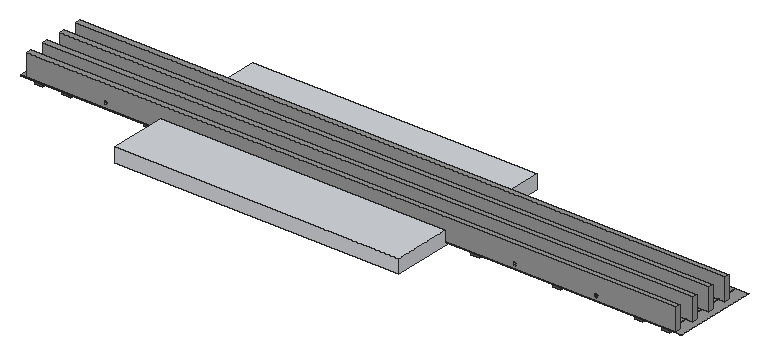
Revit family "1414-4, Veneer", category Generic Models, host Face, Revit 2020
Family settings
  Host = Face
  Can host rebar = No
  Round Connector Dimension = Use Diameter
  Part Type = Normal
  Cut with Voids When Loaded = No
  Shared = No
  Room Calculation Point = No
Parameters
  min_value [instance] = 2' - 4"  # constant formula
  max_value [instance] = 9' - 11 1/4"  # constant formula
  actual_value [instance] = if(NET LENGTH < min_value, min_value, if(NET LENGTH > max_value, max_value, NET LENGTH))  # 7' - 11 1/4"
  SCRIM MATERIAL [instance] = SCRIM
  SCRIM APPEARANCE [instance] = yes
  NET LENGTH [instance] = 7' - 11 1/4"
  IMPORTANT NOTE!!!                                                                             *Backer & dowel layout is for visualization purposes only, final layout to be determined by 9Wood. [instance] = ""
  Default Elevation = 4' - 0"
  DOWEL RADIUS [instance] = 0' - 0 1/4"  # constant formula
  BACKER & DOWEL MATERIAL [instance] = BLACK-BACKERS
  .. MEMBER WIDTH [instance] = 0' - 0 3/4"  # constant formula
  .. MEMBER MATERIAL [instance] = Veneer Cherry
  .. MEMBER DEPTH [instance] = 0' - 3 1/4"  # constant formula
  .. MEMBER COUNT [instance] = 4  # constant formula
Reference planes (in)
  plane 1 "Center (Front/Back)": y = 0
  plane 2: z = 0
  plane 3 "Center (Left/Right)": x = 0
Forms (in)
  Extrusion 1, solid
    sketch origin (0, 0, 0) x (1, 0, 0) y (0, 1, 0)
      loop
        line (-24.24823, 14.63962) -> (-24.24823, -10.69266) -> (17.36192, -10.69266) -> (17.36192, 14.63962) -> (-24.24823, 14.63962)
    from 0 to 2.0625
Dimensions and locks (in)
  aligned and locked: plane 2 to Extrusion 1
Nested families (in)
  nested 1: "1400 series" at (-44.01308, -2.1224, 0.00189), NET LENGTH <- "actual_value", .. MEMBER DEPTH <- ".. MEMBER DEPTH", .. MEMBER WIDTH <- ".. MEMBER WIDTH", DOWEL RADIUS <- "DOWEL RADIUS", BACKER & DOWEL MATERIAL <- "BACKER & DOWEL MATERIAL", .. MEMBER MATERIAL <- ".. MEMBER MATERIAL", SCRIM MATERIAL <- "SCRIM MATERIAL", MEMBER COUNT <- ".. MEMBER COUNT", SCRIM APPEARANCE <- "SCRIM APPEARANCE", type "1400 series"
    with X 7' - 8", SCRIM MATERIAL SCRIM, SCRIM LENGTH 8' - 1", SCRIM APPEARANCE yes, SCRIM 2 0' - 0 7/8", SCRIM 1 0' - 0 3/32", OC TYP 1' - 0", NET LENGTH 7' - 11 1/4", N 8, MEMBER COUNT 4, INSET 2 0' - 0 3/16", INSET 0' - 1", HALF MEMBER WIDTH 0' - 0 3/8", END BACKER yes, DOWEL RADIUS 0' - 0 1/4", DOWEL INDEX 0' - 11 5/8", DOWEL COUNT 7, BACKING M COUNT 8, BACKER WIDTH 0' - 1 1/4", BACKER INDEX 0' - 5 5/8", BACKER DEPTH 0' - 0 1/2", BACKER & DOWEL MATERIAL BLACK-BACKERS, BACKER &  DOWEL LENGTH 0' - 11 7/8", .. MEMBER WIDTH 0' - 0 3/4", .. MEMBER OC TYP 0' - 3", .. MEMBER MATERIAL Veneer Cherry, .. MEMBER DEPTH 0' - 3 1/4"
Definition of nested family "1400 series"
  Parameters (values of type "1400 series")
    X [instance] = NET LENGTH - 0' 3 1/4"  # 7' - 2"
    SCRIM MATERIAL [instance] = none
    SCRIM APPEARANCE [instance] = yes
    SCRIM 2 [instance] = 0' - 0 7/8"  # constant formula
    SCRIM 1 [instance] = 0' - 0 3/32"  # constant formula
    OC TYP [instance] = 1' - 0"  # constant formula
    N [instance] = if((X - (rounddown(X / 1' 0") * 1' 0")) > 1' 0", rounddown(X / 1' 0") + 2, rounddown(X / 1' 0") + 1)  # 8
    MEMBER COUNT [instance] = 2
    INSET 5 = 0' - 0 11/16"  # constant formula
    INSET 2 [instance] = 0' - 0 3/16"  # constant formula
    INSET [instance] = 0' - 1"  # constant formula
    END BACKER [instance] = BACKER INDEX > 0' 3 5/8"  # no
    HALF MEMBER WIDTH [instance] = .. MEMBER WIDTH / 2  # 0' - 1 1/8"
    Default Elevation = 0' - 0"
    DOWEL RADIUS [instance] = 0' - 0 1/4"
    DOWEL INDEX [instance] = BACKER INDEX + 0' 6"  # 0' - 8 5/8"
    DOWEL COUNT [instance] = N - 1  # 7
    BACKER WIDTH [instance] = 0' - 1 1/4"  # constant formula
    BACKER INDEX [instance] = (NET LENGTH - ((N - 1) * 1' 0")) / 2  # 0' - 2 5/8"
    BACKER DEPTH [instance] = 0' - 0 1/2"  # constant formula
    BACKING M COUNT [instance] = N  # 8
    BACKER & DOWEL MATERIAL [instance] = none
    BACKER &  DOWEL LENGTH [instance] = 0' - 11 7/8"  # constant formula
    SCRIM LENGTH [instance] = NET LENGTH + (SCRIM 2 * 2)  # 7' - 7"
    .. MEMBER WIDTH [instance] = 0' - 2 1/4"
    .. MEMBER OC TYP [instance] = 1' 0" / MEMBER COUNT  # 0' - 6"
    .. MEMBER MATERIAL [instance] = none
    NET LENGTH [instance] = 7' - 5 1/4"
    .. MEMBER DEPTH [instance] = 0' - 4"
  Reference planes (in)
    plane 1 "Center (Front/Back)": y = 0
    plane 2: z = 0
    plane 3 "Center (Left/Right)": x = 0
    plane 4: x = 89.25
    plane 5: x = 1
    plane 6: x = 88.25
    plane 7: x = 2.625
    plane 8: x = 8.625
    plane 9: x = 14.625
    plane 10: x = 20.625
    plane 11: y = 0.1875
    plane 12: y = 1.125
    plane 13: y = 7.125
    plane 14: y = 12.0625
    plane 15: x = 90.125
    plane 16: x = -0.875
    plane 17: y = 12.15625
    plane 18: y = -0.09375
    plane 19: z = 2.7097
    plane 20: z = 0.49811
    plane 21: z = 0.56061
    plane 22: z = 1.24811
  Lines and regions (in)
    model lines, not visible
      curve 1: line (8.625, 0, 0.99811) -> (8.625, 0, 1.49811)
      curve 2: line (8.625, 0, 1.49811) -> (8.375, 0, 1.24811)
      curve 3: line (8.375, 0, 1.24811) -> (8.875, 0, 1.24811)
      curve 4: line (20.625, 0, 0.99811) -> (20.625, 0, 1.49811)
      curve 5: line (20.625, 0, 1.49811) -> (20.375, 0, 1.24811)
      curve 6: line (20.375, 0, 1.24811) -> (20.875, 0, 1.24811)
      curve 7: line (32.625, 0, 0.99811) -> (32.625, 0, 1.49811)
      curve 8: line (32.625, 0, 1.49811) -> (32.375, 0, 1.24811)
      curve 9: line (32.375, 0, 1.24811) -> (32.875, 0, 1.24811)
      curve 10: line (44.625, 0, 0.99811) -> (44.625, 0, 1.49811)
      curve 11: line (44.625, 0, 1.49811) -> (44.375, 0, 1.24811)
      curve 12: line (44.375, 0, 1.24811) -> (44.875, 0, 1.24811)
      curve 13: line (56.625, 0, 0.99811) -> (56.625, 0, 1.49811)
      curve 14: line (56.625, 0, 1.49811) -> (56.375, 0, 1.24811)
      curve 15: line (56.375, 0, 1.24811) -> (56.875, 0, 1.24811)
      curve 16: line (68.625, 0, 0.99811) -> (68.625, 0, 1.49811)
      curve 17: line (68.625, 0, 1.49811) -> (68.375, 0, 1.24811)
      curve 18: line (68.375, 0, 1.24811) -> (68.875, 0, 1.24811)
      curve 19: line (80.625, 0, 0.99811) -> (80.625, 0, 1.49811)
      curve 20: line (80.625, 0, 1.49811) -> (80.375, 0, 1.24811)
      curve 21: line (80.375, 0, 1.24811) -> (80.875, 0, 1.24811)
  Dimensions and locks (in)
    "INSET": plane 3 "Center (Left/Right)" to plane 5
    "NET LENGTH": plane 3 "Center (Left/Right)" to plane 4
    "INSET": plane 6 to plane 4
    "BACKER INDEX": plane 3 "Center (Left/Right)" to plane 7
    "DOWEL INDEX": plane 3 "Center (Left/Right)" to plane 8
    "OC TYP": plane 7 to plane 9
    "OC TYP": plane 8 to plane 10
    "INSET 2": plane 1 "Center (Front/Back)" to plane 11
    equal spacing: group 1, group 2, group 5, group 6, group 7, group 13, group 14, group 16  (x3)
    equal spacing: group 3, group 4, group 8, group 9, group 10, group 15, group 17  (x3)
    group 11 to group 12 = 0' - 0"  (x2)
    group 11 to group 12 = 0' - 6"
    ".. MEMBER OC TYP": plane 13 to plane 12
    "HALF MEMBER WIDTH": plane 1 "Center (Front/Back)" to plane 12
    "SCRIM 2": plane 16 to plane 3 "Center (Left/Right)"
    "SCRIM 2": plane 4 to plane 15
    "SCRIM 1": plane 18 to plane 1 "Center (Front/Back)"
    "SCRIM 1": plane 17 to plane 14
    "INSET 5": plane 22 to plane 21
    aligned and locked: level to plane 2
    aligned and locked: plane 7 to nested 2
    aligned and locked: plane 5 to nested 1
    aligned and locked: plane 9 to nested 3
    aligned and locked: nested 1 to plane 5
    aligned and locked: nested 2 to plane 11
    aligned and locked: nested 1 to plane 11
    aligned and locked: nested 3 to plane 11
    aligned and locked: nested 4 to plane 11  (x2)
    aligned and locked: plane 10 to nested 5
    aligned and locked: plane 6 to nested 12
    aligned and locked: nested 5 to plane 11
    aligned and locked: plane 11 to nested 12
    aligned and locked: plane 12 to nested 13
    aligned and locked: nested 14 to plane 13
    aligned and locked: plane 14 to nested 8
    aligned and locked: plane 16 to nested 15
    aligned and locked: nested 15 to plane 18
    aligned and locked: nested 15 to plane 17
    aligned and locked: nested 15 to plane 16  (x2)
    aligned and locked: nested 1 to level
    aligned and locked: level to nested 3
    aligned and locked: plane 20 to nested 2
    aligned and locked: plane 20 to nested 1
    aligned and locked: plane 20 to nested 3
    aligned and locked: nested 12 to plane 20
    aligned and locked: nested 15 to plane 20
    aligned and locked: plane 21 to nested 15
    aligned and locked: nested 13 to plane 21
    aligned and locked: plane 22 to nested 4
    aligned and locked: plane 22 to nested 5
    aligned and locked: nested 13 to plane 8
    aligned and locked: plane 10 to nested 13
    aligned and locked: curve 1 to nested 13
    aligned and locked: nested 13 to curve 4
  Automatic sketch dimensions
    curve 3 to curve 1 = 0' - 0 1/4"  (x2)
    curve 1 to curve 3 = 0' - 0 1/4"
    curve 1 to curve 2 = 0' - 0 1/4"
    curve 6 to curve 4 = 0' - 0 1/4"  (x2)
    curve 4 to curve 6 = 0' - 0 1/4"
    curve 4 to curve 5 = 0' - 0 1/4"
    curve 9 to curve 7 = 0' - 0 1/4"  (x2)
    curve 7 to curve 9 = 0' - 0 1/4"
    curve 7 to curve 8 = 0' - 0 1/4"
    curve 12 to curve 10 = 0' - 0 1/4"  (x2)
    curve 10 to curve 12 = 0' - 0 1/4"
    curve 10 to curve 11 = 0' - 0 1/4"
    curve 15 to curve 13 = 0' - 0 1/4"  (x2)
    curve 13 to curve 15 = 0' - 0 1/4"
    curve 13 to curve 14 = 0' - 0 1/4"
    curve 18 to curve 16 = 0' - 0 1/4"  (x2)
    curve 16 to curve 18 = 0' - 0 1/4"
    curve 16 to curve 17 = 0' - 0 1/4"
    curve 21 to curve 19 = 0' - 0 1/4"  (x2)
    curve 19 to curve 21 = 0' - 0 1/4"
    curve 19 to curve 20 = 0' - 0 1/4"
  Nested families (in)
    nested 1: "INSTANCE - 3RD -  EXTEND BOTH SIDES - Parametric Cube.0001" at (1, 0.1875, 0.49811), Length <- "BACKER &  DOWEL LENGTH", Width <- "BACKER WIDTH", Height <- "BACKER DEPTH", Material <- "BACKER & DOWEL MATERIAL", visible <- "END BACKER", type "INSTANCE - 3RD -  EXTEND BOTH SIDES - Parametric Cube.0001"
      with Width 0' - 1 1/4", Material none, Length 0' - 11 7/8", Height 0' - 0 1/2"
    nested 2: "INSTANCE - 2ND -  EXTEND SIDE H CENTER W - Parametric Cube.0001" at (2.625, 0.1875, 0.49811), Width <- "BACKER WIDTH", Length <- "BACKER &  DOWEL LENGTH", Height <- "BACKER DEPTH", Material <- "BACKER & DOWEL MATERIAL", type "INSTANCE - 2ND -  EXTEND SIDE H CENTER W - Parametric Cube.0001"
      with Width 0' - 1 1/4", Material none, Length 0' - 11 7/8", Height 0' - 0 1/2"
    nested 3: "INSTANCE - 2ND -  EXTEND SIDE H CENTER W - Parametric Cube.0001" at (14.625, 0.1875, 0.49811), Width <- "BACKER WIDTH", Length <- "BACKER &  DOWEL LENGTH", Height <- "BACKER DEPTH", Material <- "BACKER & DOWEL MATERIAL", type "INSTANCE - 2ND -  EXTEND SIDE H CENTER W - Parametric Cube.0001"
      with Width 0' - 1 1/4", Material none, Length 0' - 11 7/8", Height 0' - 0 1/2"
    nested 4: "DOWEL" at (-1.375, 0.1875, 1.24811), DOWEL LENGTH <- "BACKER &  DOWEL LENGTH", DOWEL RADII <- "DOWEL RADIUS", BACKING MEM MATERIAL <- "BACKER & DOWEL MATERIAL", type "DOWEL"
      with DOWEL RADII 0' - 0 1/4", DOWEL LENGTH 0' - 11 7/8", BACKING MEM MATERIAL none
    nested 5: "DOWEL" at (10.625, 0.1875, 1.24811), DOWEL LENGTH <- "BACKER &  DOWEL LENGTH", DOWEL RADII <- "DOWEL RADIUS", BACKING MEM MATERIAL <- "BACKER & DOWEL MATERIAL", type "DOWEL"
      with DOWEL RADII 0' - 0 1/4", DOWEL LENGTH 0' - 11 7/8", BACKING MEM MATERIAL none
    nested 6: "INSTANCE - 2ND -  EXTEND SIDE H CENTER W - Parametric Cube.0001" at (26.625, 0.1875, 0.49811), Width <- "BACKER WIDTH", Length <- "BACKER &  DOWEL LENGTH", Height <- "BACKER DEPTH", Material <- "BACKER & DOWEL MATERIAL", type "INSTANCE - 2ND -  EXTEND SIDE H CENTER W - Parametric Cube.0001"
      with Width 0' - 1 1/4", Material none, Length 0' - 11 7/8", Height 0' - 0 1/2"
    nested 7: "INSTANCE - 2ND -  EXTEND SIDE H CENTER W - Parametric Cube.0001" at (38.625, 0.1875, 0.49811), Width <- "BACKER WIDTH", Length <- "BACKER &  DOWEL LENGTH", Height <- "BACKER DEPTH", Material <- "BACKER & DOWEL MATERIAL", type "INSTANCE - 2ND -  EXTEND SIDE H CENTER W - Parametric Cube.0001"
      with Width 0' - 1 1/4", Material none, Length 0' - 11 7/8", Height 0' - 0 1/2"
    nested 8: "INSTANCE - 2ND -  EXTEND SIDE H CENTER W - Parametric Cube.0001" at (50.625, 0.1875, 0.49811), Width <- "BACKER WIDTH", Length <- "BACKER &  DOWEL LENGTH", Height <- "BACKER DEPTH", Material <- "BACKER & DOWEL MATERIAL", type "INSTANCE - 2ND -  EXTEND SIDE H CENTER W - Parametric Cube.0001"
      with Width 0' - 1 1/4", Material none, Length 0' - 11 7/8", Height 0' - 0 1/2"
    nested 9: "DOWEL" at (22.625, 0.1875, 1.24811), DOWEL LENGTH <- "BACKER &  DOWEL LENGTH", DOWEL RADII <- "DOWEL RADIUS", BACKING MEM MATERIAL <- "BACKER & DOWEL MATERIAL", type "DOWEL"
      with DOWEL RADII 0' - 0 1/4", DOWEL LENGTH 0' - 11 7/8", BACKING MEM MATERIAL none
    nested 10: "DOWEL" at (34.625, 0.1875, 1.24811), DOWEL LENGTH <- "BACKER &  DOWEL LENGTH", DOWEL RADII <- "DOWEL RADIUS", BACKING MEM MATERIAL <- "BACKER & DOWEL MATERIAL", type "DOWEL"
      with DOWEL RADII 0' - 0 1/4", DOWEL LENGTH 0' - 11 7/8", BACKING MEM MATERIAL none
    nested 11: "DOWEL" at (46.625, 0.1875, 1.24811), DOWEL LENGTH <- "BACKER &  DOWEL LENGTH", DOWEL RADII <- "DOWEL RADIUS", BACKING MEM MATERIAL <- "BACKER & DOWEL MATERIAL", type "DOWEL"
      with DOWEL RADII 0' - 0 1/4", DOWEL LENGTH 0' - 11 7/8", BACKING MEM MATERIAL none
    nested 12: "INSTANCE - 3RD -  EXTEND BOTH SIDES - Parametric Cube.0001" at (88.25, 0.1875, 0.49811) x (-1, 0, 0) z (0, 0, 1), Width <- "BACKER WIDTH", Length <- "BACKER &  DOWEL LENGTH", Height <- "BACKER DEPTH", Material <- "BACKER & DOWEL MATERIAL", visible <- "END BACKER", type "INSTANCE - 3RD -  EXTEND BOTH SIDES - Parametric Cube.0001"
      with Width 0' - 1 1/4", Material none, Length 0' - 11 7/8", Height 0' - 0 1/2"
    nested 13: "HOLED MEMBER" at (0, -9.75, 8.12965), DOWEL INDEX <- "DOWEL INDEX", .. MEMBER LENGTH <- "NET LENGTH", .. MEMBER WIDTH <- ".. MEMBER WIDTH", DOWEL OC DIST <- "OC TYP", DOWEL RADII <- "DOWEL RADIUS", Material <- ".. MEMBER MATERIAL", DEPTH <- ".. MEMBER DEPTH", DOWEL COUNT <- "DOWEL COUNT", Space <- "INSET 5", type "HOLED MEMBER"
      with Space 0' - 0 11/16", Material none, Height 0' - 10.43096", HALF MEMBER WIDTH 0' - 1 1/8", DOWEL RADII 0' - 0 1/4", DOWEL OC DIST 1' - 0", DOWEL INDEX 0' - 8 5/8", DOWEL COUNT 7, DEPTH 0' - 4", .. MEMBER WIDTH 0' - 2 1/4", .. MEMBER LENGTH 7' - 5 1/4"
    nested 14: "HOLED MEMBER" at (0, -3.75, 8.12965), DOWEL INDEX <- "DOWEL INDEX", .. MEMBER LENGTH <- "NET LENGTH", .. MEMBER WIDTH <- ".. MEMBER WIDTH", DOWEL OC DIST <- "OC TYP", DOWEL RADII <- "DOWEL RADIUS", Material <- ".. MEMBER MATERIAL", DEPTH <- ".. MEMBER DEPTH", DOWEL COUNT <- "DOWEL COUNT", Space <- "INSET 5", type "HOLED MEMBER"
      with Space 0' - 0 11/16", Material none, Height 0' - 10.43096", HALF MEMBER WIDTH 0' - 1 1/8", DOWEL RADII 0' - 0 1/4", DOWEL OC DIST 1' - 0", DOWEL INDEX 0' - 8 5/8", DOWEL COUNT 7, DEPTH 0' - 4", .. MEMBER WIDTH 0' - 2 1/4", .. MEMBER LENGTH 7' - 5 1/4"
    nested 15: "INSTANCE - 3RD -  EXTEND BOTH SIDES - Parametric Cube.0001" at (-0.875, -0.09375, 0.56061), Width <- "SCRIM LENGTH", Material <- "SCRIM MATERIAL", visible <- "SCRIM APPEARANCE", type "INSTANCE - 3RD -  EXTEND BOTH SIDES - Parametric Cube.0001"
      with Width 7' - 7", Material none, Length 1' - 0 1/4", Height 0' - 0 1/16"
    nested 16: "INSTANCE - 2ND -  EXTEND SIDE H CENTER W - Parametric Cube.0001" at (62.625, 0.1875, 0.49811), Width <- "BACKER WIDTH", Length <- "BACKER &  DOWEL LENGTH", Height <- "BACKER DEPTH", Material <- "BACKER & DOWEL MATERIAL", type "INSTANCE - 2ND -  EXTEND SIDE H CENTER W - Parametric Cube.0001"
      with Width 0' - 1 1/4", Material none, Length 0' - 11 7/8", Height 0' - 0 1/2"
    nested 17: "INSTANCE - 2ND -  EXTEND SIDE H CENTER W - Parametric Cube.0001" at (74.625, 0.1875, 0.49811), Width <- "BACKER WIDTH", Length <- "BACKER &  DOWEL LENGTH", Height <- "BACKER DEPTH", Material <- "BACKER & DOWEL MATERIAL", type "INSTANCE - 2ND -  EXTEND SIDE H CENTER W - Parametric Cube.0001"
      with Width 0' - 1 1/4", Material none, Length 0' - 11 7/8", Height 0' - 0 1/2"
    nested 18: "DOWEL" at (58.625, 0.1875, 1.24811), DOWEL LENGTH <- "BACKER &  DOWEL LENGTH", DOWEL RADII <- "DOWEL RADIUS", BACKING MEM MATERIAL <- "BACKER & DOWEL MATERIAL", type "DOWEL"
      with DOWEL RADII 0' - 0 1/4", DOWEL LENGTH 0' - 11 7/8", BACKING MEM MATERIAL none
    nested 19: "INSTANCE - 2ND -  EXTEND SIDE H CENTER W - Parametric Cube.0001" at (86.625, 0.1875, 0.49811), Width <- "BACKER WIDTH", Length <- "BACKER &  DOWEL LENGTH", Height <- "BACKER DEPTH", Material <- "BACKER & DOWEL MATERIAL", type "INSTANCE - 2ND -  EXTEND SIDE H CENTER W - Parametric Cube.0001"
      with Width 0' - 1 1/4", Material none, Length 0' - 11 7/8", Height 0' - 0 1/2"
    nested 20: "DOWEL" at (70.625, 0.1875, 1.24811), DOWEL LENGTH <- "BACKER &  DOWEL LENGTH", DOWEL RADII <- "DOWEL RADIUS", BACKING MEM MATERIAL <- "BACKER & DOWEL MATERIAL", type "DOWEL"
      with DOWEL RADII 0' - 0 1/4", DOWEL LENGTH 0' - 11 7/8", BACKING MEM MATERIAL none
  Definition of nested family "INSTANCE - 3RD -  EXTEND BOTH SIDES - Parametric Cube.0001"
    Parameters (values of type "INSTANCE - 3RD -  EXTEND BOTH SIDES - Parametric Cube.0001")
      Width [instance] = 0' - 6"
      Material [instance] = none
      Length [instance] = 1' - 0"
      Height [instance] = 1' - 6"
      Default Elevation = 0' - 0"
    Reference planes (in)
      plane 1 "Center (Front/Back)": y = 0
      plane 2: z = 0
      plane 3 "Center (Left/Right)": x = 0
      plane 4: x = 6
      plane 5: y = 12
      plane 6: z = -18
    Forms (in)
      Extrusion 1, solid, material <- "Material"
        sketch origin (0, 6, 0) x (1, 0, 0) y (0, 1, 0)
          loop
            line (0, 6) -> (0, -6) -> (6, -6) -> (6, 6) -> (0, 6)
        from -18 to 0
    Dimensions and locks (in)
      "Height": plane 6 to level
      "Length": plane 1 "Center (Front/Back)" to plane 5
      "Width": plane 3 "Center (Left/Right)" to plane 4
      aligned and locked: plane 2 to level
      aligned and locked: Extrusion 1 sketch curve to plane 4
      aligned and locked: Extrusion 1 to plane 6
      aligned and locked: plane 5 to Extrusion 1
      aligned and locked: Extrusion 1 to plane 3 "Center (Left/Right)"
    Automatic sketch dimensions
      plane 1 "Center (Front/Back)" to Extrusion 1 sketch curve = 0' - 0"
      plane 5 to Extrusion 1 sketch curve = 0' - 0"
      Extrusion 1 sketch curve to plane 3 "Center (Left/Right)" = 0' - 0"
  Definition of nested family "INSTANCE - 2ND -  EXTEND SIDE H CENTER W - Parametric Cube.0001"
    Parameters (values of type "INSTANCE - 2ND -  EXTEND SIDE H CENTER W - Parametric Cube.0001")
      Width [instance] = 0' - 6"
      Material [instance] = none
      Length [instance] = 1' - 0"
      Height [instance] = 1' - 6"
      Default Elevation = 0' - 0"
    Reference planes (in)
      plane 1 "Center (Front/Back)": y = 0
      plane 2: z = 0
      plane 3 "Center (Left/Right)": x = 0
      plane 4: x = -3
      plane 5: x = 3
      plane 6: y = 12
      plane 7: z = -18
    Forms (in)
      Extrusion 1, solid, material <- "Material"
        sketch origin (0, 6, 0) x (1, 0, 0) y (0, 1, 0)
          loop
            line (-3, 6) -> (-3, -6) -> (3, -6) -> (3, 6) -> (-3, 6)
        from -18 to 0
    Dimensions and locks (in)
      equal spacing: plane 4, plane 3 "Center (Left/Right)", plane 5
      "Width": plane 4 to plane 5
      "Height": plane 7 to level
      "Length": plane 1 "Center (Front/Back)" to plane 6
      aligned and locked: plane 2 to level
      aligned and locked: plane 4 to Extrusion 1 sketch curve
      aligned and locked: Extrusion 1 sketch curve to plane 5
      aligned and locked: Extrusion 1 to plane 7
      aligned and locked: plane 6 to Extrusion 1
    Automatic sketch dimensions
      plane 1 "Center (Front/Back)" to Extrusion 1 sketch curve = 0' - 0"
      plane 6 to Extrusion 1 sketch curve = 0' - 0"
  Definition of nested family "DOWEL"
    Parameters (values of type "DOWEL")
      Default Elevation = 0' - 0"
      DOWEL RADII [instance] = 0' - 0 5/8"
      DOWEL LENGTH [instance] = 1' - 0"
      BACKING MEM MATERIAL [instance] = none
    Reference planes (in)
      plane 1 "Center (Front/Back)": y = 0
      plane 2: z = 0
      plane 3 "Center (Left/Right)": x = 0
      plane 4: y = 12
    Forms (in)
      Extrusion 1, solid, material <- "BACKING MEM MATERIAL"
        sketch origin (10, 0, 0) x (1, 0, 0) y (0, 0, 1)
          loop
            circle (0, 0) r 0.625
        from 0 to -12
      Extrusion 2, solid, not visible
        sketch origin (0, 0, 0) x (1, 0, 0) y (0, 0, 1)
          loop
            circle (0, 0) r 0.625
        from 0 to 12
      Extrusion 3, solid, not visible
        sketch origin (10, 0, 0) x (1, 0, 0) y (0, 0, 1)
          loop
            circle (0, 0) r 0.625
        from 0 to 2.5
      Extrusion 4, solid, not visible
        sketch origin (10, 0, 0) x (1, 0, 0) y (0, 0, 1)
          loop
            circle (0, 0) r 0.625
        from 0 to -12
    Lines and regions (in)
      model lines, not visible
        curve 1: line (-13, 0, 0) -> (-13, -12, 0)
        curve 2: line (13, 0, 0) -> (13, -12, 0)
        curve 3: line (9.89453, 0, 0) -> (10.08794, 0, 0)
        curve 4: line (9.89453, -2.5, 0) -> (10.08794, -2.5, 0)
        curve 6: line (10, 0, 0) -> (10, 2, 0)
      model lines
        curve 5: line (10, 0, 0) -> (10, 2, 0)
    Dimensions and locks (in)
      "DOWEL LENGTH": plane 1 "Center (Front/Back)" to plane 4
      "DOWEL RADII": radius of Extrusion 1 sketch curve
      "DOWEL RADII": radius of Extrusion 2 sketch curve
      "DOWEL RADII": radius of Extrusion 3 sketch curve
      "DOWEL RADII": radius of Extrusion 4 sketch curve
      "DOWEL RADII": radius of Extrusion 1
      aligned and locked: plane 2 to level
      aligned and locked: Extrusion 1 to plane 1 "Center (Front/Back)"  (x3)
      aligned and locked: plane 1 "Center (Front/Back)" to Extrusion 1
      aligned and locked: plane 4 to Extrusion 1
    Automatic sketch dimensions
      plane 1 "Center (Front/Back)" to curve 5 = 0' - 0"
      curve 5 to plane 1 "Center (Front/Back)" = 0' - 2"
      plane 3 "Center (Left/Right)" to curve 5 = 0' - 10"
      Extrusion 1 sketch curve to level = 0' - 0"
      plane 3 "Center (Left/Right)" to Extrusion 1 sketch curve = 0' - 10"
  Definition of nested family "HOLED MEMBER"
    Parameters (values of type "HOLED MEMBER")
      Space [instance] = 0' - 0 5/8"
      Material [instance] = none
      Height [instance] = 0' - 10.43096"
      HALF MEMBER WIDTH [instance] = .. MEMBER WIDTH / 2  # 0' - 0 5/16"
      Default Elevation = 0' - 0"
      DOWEL RADII [instance] = 0' - 0.34537"
      DOWEL OC DIST [instance] = 1' - 0"
      DOWEL INSET = 0' - 0 5/8"
      DOWEL INDEX [instance] = 0' - 5 5/8"
      DOWEL COUNT [instance] = 6
      DEPTH [instance] = 0' - 2"
      .. MEMBER WIDTH [instance] = 0' - 0 5/8"
      .. MEMBER LENGTH [instance] = 5' - 11 3/4"
    Reference planes (in)
      plane 1 "Center (Front/Back)": y = 12
      plane 2: z = -7.56904
      plane 3 "Center (Left/Right)": x = 0
      plane 4: x = 5.625
      plane 5: x = 17.625
      plane 6: y = 11.375
      plane 7: x = 71.75
      plane 8: y = 11.6875
      plane 9: z = -6.94404
      plane 10: z = -5.56904
    Forms (in)
      Extrusion 1, solid, material <- "Material"
        sketch origin (0, 12, -13.56904) x (1, 0, 0) y (0, 0, 1)
          loop
            line (0, 6) -> (71.75, 6) -> (71.75, 8) -> (0, 8) -> (0, 6)
        from 0.625 to 0
      Extrusion 2, void
        sketch origin (0, 12, -18.31904) x (1, 0, 0) y (0, 0, 1)
          loop
            circle (5.625, 11.375) r 0.34537
        from 0 to 12
      Extrusion 3, void, not visible
        sketch origin (0, 0, 0) x (1, 0, 0) y (0, 1, 0)
          loop
            circle (5.625, 11.375) r 0.34537
        from 0 to 12
      Extrusion 4, void, not visible
        sketch origin (0, 0, 0) x (1, 0, 0) y (0, 1, 0)
          loop
            circle (5.625, 11.375) r 0.34537
        from 0 to 12
      Extrusion 5, void, not visible
        sketch origin (12, 0, 0) x (1, 0, 0) y (0, 1, 0)
          loop
            circle (5.625, 11.375) r 0.34537
        from 0 to 12
      Extrusion 6, void, not visible
        sketch origin (0, 12, -17.56904) x (1, 0, 0) y (0, 0, 1)
          loop
            circle (5.625, 11.375) r 0.34537
        from 0 to 12
      Extrusion 7, void, not visible
        sketch origin (12, 12, -17.56904) x (1, 0, 0) y (0, 0, 1)
          loop
            circle (5.625, 11.375) r 0.34537
        from 0 to 12
      Extrusion 8, void, not visible
        sketch origin (0, 12, -19.56904) x (1, 0, 0) y (0, 0, 1)
          loop
            circle (5.625, 11.375) r 0.34537
        from 0 to 12
      Extrusion 9, void
        sketch origin (12, 12, -18.31904) x (1, 0, 0) y (0, 0, 1)
          loop
            circle (5.625, 11.375) r 0.34537
        from 0 to 12
      Extrusion 10, void
        sketch origin (24, 12, -18.31904) x (1, 0, 0) y (0, 0, 1)
          loop
            circle (5.625, 11.375) r 0.34537
        from 0 to 12
      Extrusion 11, void
        sketch origin (36, 12, -18.31904) x (1, 0, 0) y (0, 0, 1)
          loop
            circle (5.625, 11.375) r 0.34537
        from 0 to 12
      Extrusion 12, void
        sketch origin (48, 12, -18.31904) x (1, 0, 0) y (0, 0, 1)
          loop
            circle (5.625, 11.375) r 0.34537
        from 0 to 12
      Extrusion 13, void
        sketch origin (60, 12, -18.31904) x (1, 0, 0) y (0, 0, 1)
          loop
            circle (5.625, 11.375) r 0.34537
        from 0 to 12
      Extrusion 14, void, not visible
        sketch origin (24, 12, -17.56904) x (1, 0, 0) y (0, 0, 1)
          loop
            circle (5.625, 11.375) r 0.34537
        from 0 to 12
      Extrusion 15, void, not visible
        sketch origin (36, 12, -17.56904) x (1, 0, 0) y (0, 0, 1)
          loop
            circle (5.625, 11.375) r 0.34537
        from 0 to 12
      Extrusion 16, void, not visible
        sketch origin (48, 12, -17.56904) x (1, 0, 0) y (0, 0, 1)
          loop
            circle (5.625, 11.375) r 0.34537
        from 0 to 12
      Extrusion 17, void, not visible
        sketch origin (60, 12, -17.56904) x (1, 0, 0) y (0, 0, 1)
          loop
            circle (5.625, 11.375) r 0.34537
        from 0 to 12
      Extrusion 18, void, not visible
        sketch origin (24, 0, 0) x (1, 0, 0) y (0, 1, 0)
          loop
            circle (5.625, 11.375) r 0.34537
        from 0 to 12
      Extrusion 19, void, not visible
        sketch origin (36, 0, 0) x (1, 0, 0) y (0, 1, 0)
          loop
            circle (5.625, 11.375) r 0.34537
        from 0 to 12
      Extrusion 20, void, not visible
        sketch origin (48, 0, 0) x (1, 0, 0) y (0, 1, 0)
          loop
            circle (5.625, 11.375) r 0.34537
        from 0 to 12
      Extrusion 21, void, not visible
        sketch origin (60, 0, 0) x (1, 0, 0) y (0, 1, 0)
          loop
            circle (5.625, 11.375) r 0.34537
        from 0 to 12
    Cuts and joins
      Extrusion 2, Extrusion 9, Extrusion 10, Extrusion 11, Extrusion 12, Extrusion 13 cuts Extrusion 1
    Lines and regions (in)
      model lines, not visible
        curve 1: line (5.625, 11.72037, 0) -> (5.625, 11.02963, 0)
        curve 2: line (5.625, 11.72037, 0) -> (5.625, 11.02963, 0)
        curve 3: line (17.625, 11.72037, 0) -> (17.625, 11.02963, 0)
        curve 4: line (5.625, 12, -7.56904) -> (5.625, 11.87317, -7.56904)
        curve 5: line (5.625, 11.87317, -7.56904) -> (5.06195, 11.87317, -7.56904)
        curve 6: line (5.06195, 11.87317, -7.56904) -> (5.27963, 11.375, -7.56904)
        curve 7: line (0, 12, -6.19404) -> (0, 11.61951, -6.19404)
        curve 9: line (0, 11.375, -8.19404) -> (0, 11.6747, -8.19404)
        curve 10: line (5.625, 12, -7.56904) -> (5.625, 11.69863, -7.56904)
        curve 11: line (5.625, 12, -7.56904) -> (5.625, 11.69863, -7.56904)
        curve 12: line (5.625, 10.75, 0) -> (5.625, 10.75, 0.30137)
        curve 13: line (5.625, 10.75, 0) -> (5.625, 10.75, 0.30137)
        curve 14: line (17.625, 10.75, 0) -> (17.625, 10.75, 0.30137)
        curve 15: line (5.625, 12, -6.81904) -> (5.625, 11.69863, -6.81904)
        curve 16: line (17.625, 12, -6.81904) -> (17.625, 11.69863, -6.81904)
        curve 17: line (5.625, 12, -8.81904) -> (5.625, 11.69863, -8.81904)
        curve 18: line (17.625, 12, -7.56904) -> (17.625, 11.69863, -7.56904)
        curve 19: line (29.625, 12, -7.56904) -> (29.625, 11.69863, -7.56904)
        curve 20: line (41.625, 12, -7.56904) -> (41.625, 11.69863, -7.56904)
        curve 21: line (53.625, 12, -7.56904) -> (53.625, 11.69863, -7.56904)
        curve 22: line (65.625, 12, -7.56904) -> (65.625, 11.69863, -7.56904)
        curve 23: line (29.625, 12, -6.81904) -> (29.625, 11.69863, -6.81904)
        curve 24: line (41.625, 12, -6.81904) -> (41.625, 11.69863, -6.81904)
        curve 25: line (53.625, 12, -6.81904) -> (53.625, 11.69863, -6.81904)
        curve 26: line (65.625, 12, -6.81904) -> (65.625, 11.69863, -6.81904)
        curve 27: line (29.625, 11.72037, 0) -> (29.625, 11.02963, 0)
        curve 28: line (29.625, 10.75, 0) -> (29.625, 10.75, 0.30137)
        curve 29: line (41.625, 11.72037, 0) -> (41.625, 11.02963, 0)
        curve 30: line (41.625, 10.75, 0) -> (41.625, 10.75, 0.30137)
        curve 31: line (53.625, 11.72037, 0) -> (53.625, 11.02963, 0)
        curve 32: line (53.625, 10.75, 0) -> (53.625, 10.75, 0.30137)
        curve 33: line (65.625, 11.72037, 0) -> (65.625, 11.02963, 0)
        curve 34: line (65.625, 10.75, 0) -> (65.625, 10.75, 0.30137)
        curve 35: line (5.27963, 12, -6.94404) -> (5.97037, 12, -6.94404)
        curve 36: line (5.97037, 12, -6.94404) -> (5.625, 12, -6.59867)
        curve 37: line (5.625, 12, -6.59867) -> (5.625, 12, -7.28941)
        curve 38: line (5.27963, 11.375, 0) -> (5.97037, 11.375, 0)
        curve 39: line (5.97037, 11.375, 0) -> (5.625, 11.72037, 0)
        curve 40: line (5.625, 11.72037, 0) -> (5.625, 11.02963, 0)
        curve 41: line (5.27963, 11.375, 0) -> (5.97037, 11.375, 0)
        curve 42: line (5.97037, 11.375, 0) -> (5.625, 11.72037, 0)
        curve 43: line (5.625, 11.72037, 0) -> (5.625, 11.02963, 0)
        curve 44: line (17.27963, 11.375, 0) -> (17.97037, 11.375, 0)
        curve 45: line (17.97037, 11.375, 0) -> (17.625, 11.72037, 0)
        curve 46: line (17.625, 11.72037, 0) -> (17.625, 11.02963, 0)
        curve 47: line (5.27963, 12, -6.19404) -> (5.97037, 12, -6.19404)
        curve 48: line (5.97037, 12, -6.19404) -> (5.625, 12, -5.84867)
        curve 49: line (5.625, 12, -5.84867) -> (5.625, 12, -6.53941)
        curve 50: line (17.27963, 12, -6.19404) -> (17.97037, 12, -6.19404)
        curve 51: line (17.97037, 12, -6.19404) -> (17.625, 12, -5.84867)
        curve 52: line (17.625, 12, -5.84867) -> (17.625, 12, -6.53941)
        curve 53: line (5.27963, 12, -8.19404) -> (5.97037, 12, -8.19404)
        curve 54: line (5.97037, 12, -8.19404) -> (5.625, 12, -7.84867)
        curve 55: line (5.625, 12, -7.84867) -> (5.625, 12, -8.53941)
        curve 56: line (17.27963, 12, -6.94404) -> (17.97037, 12, -6.94404)
        curve 57: line (17.97037, 12, -6.94404) -> (17.625, 12, -6.59867)
        curve 58: line (17.625, 12, -6.59867) -> (17.625, 12, -7.28941)
        curve 59: line (29.27963, 12, -6.94404) -> (29.97037, 12, -6.94404)
        curve 60: line (29.97037, 12, -6.94404) -> (29.625, 12, -6.59867)
        curve 61: line (29.625, 12, -6.59867) -> (29.625, 12, -7.28941)
        curve 62: line (41.27963, 12, -6.94404) -> (41.97037, 12, -6.94404)
        curve 63: line (41.97037, 12, -6.94404) -> (41.625, 12, -6.59867)
        curve 64: line (41.625, 12, -6.59867) -> (41.625, 12, -7.28941)
        curve 65: line (53.27963, 12, -6.94404) -> (53.97037, 12, -6.94404)
        curve 66: line (53.97037, 12, -6.94404) -> (53.625, 12, -6.59867)
        curve 67: line (53.625, 12, -6.59867) -> (53.625, 12, -7.28941)
        curve 68: line (65.27963, 12, -6.94404) -> (65.97037, 12, -6.94404)
        curve 69: line (65.97037, 12, -6.94404) -> (65.625, 12, -6.59867)
        curve 70: line (65.625, 12, -6.59867) -> (65.625, 12, -7.28941)
        curve 71: line (29.27963, 12, -6.19404) -> (29.97037, 12, -6.19404)
        curve 72: line (29.97037, 12, -6.19404) -> (29.625, 12, -5.84867)
        curve 73: line (29.625, 12, -5.84867) -> (29.625, 12, -6.53941)
        curve 74: line (41.27963, 12, -6.19404) -> (41.97037, 12, -6.19404)
        curve 75: line (41.97037, 12, -6.19404) -> (41.625, 12, -5.84867)
        curve 76: line (41.625, 12, -5.84867) -> (41.625, 12, -6.53941)
        curve 77: line (53.27963, 12, -6.19404) -> (53.97037, 12, -6.19404)
        curve 78: line (53.97037, 12, -6.19404) -> (53.625, 12, -5.84867)
        curve 79: line (53.625, 12, -5.84867) -> (53.625, 12, -6.53941)
        curve 80: line (65.27963, 12, -6.19404) -> (65.97037, 12, -6.19404)
        curve 81: line (65.97037, 12, -6.19404) -> (65.625, 12, -5.84867)
        curve 82: line (65.625, 12, -5.84867) -> (65.625, 12, -6.53941)
        curve 83: line (29.27963, 11.375, 0) -> (29.97037, 11.375, 0)
        curve 84: line (29.97037, 11.375, 0) -> (29.625, 11.72037, 0)
        curve 85: line (29.625, 11.72037, 0) -> (29.625, 11.02963, 0)
        curve 86: line (41.27963, 11.375, 0) -> (41.97037, 11.375, 0)
        curve 87: line (41.97037, 11.375, 0) -> (41.625, 11.72037, 0)
        curve 88: line (41.625, 11.72037, 0) -> (41.625, 11.02963, 0)
        curve 89: line (53.27963, 11.375, 0) -> (53.97037, 11.375, 0)
        curve 90: line (53.97037, 11.375, 0) -> (53.625, 11.72037, 0)
        curve 91: line (53.625, 11.72037, 0) -> (53.625, 11.02963, 0)
        curve 92: line (65.27963, 11.375, 0) -> (65.97037, 11.375, 0)
        curve 93: line (65.97037, 11.375, 0) -> (65.625, 11.72037, 0)
        curve 94: line (65.625, 11.72037, 0) -> (65.625, 11.02963, 0)
      model lines
        curve 8: line (5.625, 12, -7.56904) -> (5.625, 11.69863, -7.56904)
    Dimensions and locks (in)
      "DOWEL INDEX": plane 3 "Center (Left/Right)" to plane 4
      "DOWEL OC DIST": plane 4 to plane 5
      ".. MEMBER LENGTH": plane 3 "Center (Left/Right)" to plane 7
      equal spacing: group 3, group 4, group 21, group 22, group 23, group 24  (x3)
      equal spacing: group 7, group 8, group 17, group 18, group 19, group 20  (x3)
      ".. MEMBER WIDTH": plane 6 to plane 1 "Center (Front/Back)"
      "HALF MEMBER WIDTH": plane 8 to plane 1 "Center (Front/Back)"
      equal spacing: group 1, group 12, group 13, group 14, group 15, group 16  (x2)
      equal spacing: group 16, group 15, group 14, group 13, group 12, group 1
      "DEPTH": plane 10 to level
      "Space": plane 9 to level
      "DOWEL RADII": radius of Extrusion 2 sketch curve
      "DOWEL RADII": radius of Extrusion 3 sketch curve
      "DOWEL RADII": radius of Extrusion 4 sketch curve
      "DOWEL RADII": radius of Extrusion 5 sketch curve
      "DOWEL RADII": radius of Extrusion 6 sketch curve
      "DOWEL RADII": radius of Extrusion 7 sketch curve
      "DOWEL RADII": radius of Extrusion 8 sketch curve
      "DOWEL RADII": radius of Extrusion 9 sketch curve
      "DOWEL RADII": radius of Extrusion 10 sketch curve
      "DOWEL RADII": radius of Extrusion 11 sketch curve
      "DOWEL RADII": radius of Extrusion 12 sketch curve
      "DOWEL RADII": radius of Extrusion 13 sketch curve
      "DOWEL RADII": radius of Extrusion 14 sketch curve
      "DOWEL RADII": radius of Extrusion 15 sketch curve
      "DOWEL RADII": radius of Extrusion 16 sketch curve
      "DOWEL RADII": radius of Extrusion 17 sketch curve
      "DOWEL RADII": radius of Extrusion 18 sketch curve
      "DOWEL RADII": radius of Extrusion 19 sketch curve
      "DOWEL RADII": radius of Extrusion 20 sketch curve
      "DOWEL RADII": radius of Extrusion 21 sketch curve
      aligned and locked: level to plane 2
      aligned and locked: Extrusion 1 to plane 3 "Center (Left/Right)"  (x2)
      aligned and locked: plane 7 to cut or joined group of Extrusion 1, Extrusion 2, Extrusion 9, Extrusion 10, Extrusion 11, Extrusion 12, Extrusion 13  (x2)
      aligned and locked: cut or joined group of Extrusion 1, Extrusion 2, Extrusion 9, Extrusion 10, Extrusion 11, Extrusion 12, Extrusion 13 to plane 1 "Center (Front/Back)"  (x2)
      aligned and locked: cut or joined group of Extrusion 1, Extrusion 2, Extrusion 9, Extrusion 10, Extrusion 11, Extrusion 12, Extrusion 13 to plane 6  (x2)
      aligned and locked: plane 4 to curve 11
      aligned and locked: curve 18 to plane 5
      aligned and locked: plane 4 to group 1
      aligned and locked: group 12 to plane 5
      aligned and locked: curve 35 to plane 9
      aligned and locked: plane 4 to curve 37
      aligned and locked: curve 56 to plane 9
      aligned and locked: curve 58 to plane 5
      aligned and locked: plane 10 to cut or joined group of Extrusion 1, Extrusion 2, Extrusion 9, Extrusion 10, Extrusion 11, Extrusion 12, Extrusion 13  (x2)
      aligned and locked: cut or joined group of Extrusion 1, Extrusion 2, Extrusion 9, Extrusion 10, Extrusion 11, Extrusion 12, Extrusion 13 to level
      aligned and locked: level to cut or joined group of Extrusion 1, Extrusion 2, Extrusion 9, Extrusion 10, Extrusion 11, Extrusion 12, Extrusion 13
    Automatic sketch dimensions
      curve 1 to curve 1 = 0' - 0.69074"
      curve 2 to curve 2 = 0' - 0.69074"
      curve 3 to curve 3 = 0' - 0.69074"
      Extrusion 1 sketch curve to plane 3 "Center (Left/Right)" = 0' - 0"
      Extrusion 1 sketch curve to plane 7 = 0' - 0"
      Extrusion 1 sketch curve to Extrusion 1 sketch curve = 0' - 2"
      Extrusion 1 sketch curve to level = 0' - 0"
      curve 8 to curve 8 = 0' - 0.30137"
      curve 10 to curve 10 = 0' - 0.30137"
      curve 8 to plane 4 = 0' - 0"
      plane 1 "Center (Front/Back)" to curve 8 = 0' - 0"
      plane 1 "Center (Front/Back)" to curve 8 = 0' - 0.30137"
      curve 11 to curve 11 = 0' - 0.30137"
      curve 12 to curve 12 = 0' - 0.30137"
      curve 13 to curve 13 = 0' - 0.30137"
      curve 14 to curve 14 = 0' - 0.30137"
      curve 15 to curve 15 = 0' - 0.30137"
      curve 16 to curve 16 = 0' - 0.30137"
      curve 17 to curve 17 = 0' - 0.30137"
      curve 18 to curve 18 = 0' - 0.30137"
      curve 19 to curve 19 = 0' - 0.30137"
      curve 20 to curve 20 = 0' - 0.30137"
      curve 21 to curve 21 = 0' - 0.30137"
      curve 22 to curve 22 = 0' - 0.30137"
      curve 23 to curve 23 = 0' - 0.30137"
      curve 24 to curve 24 = 0' - 0.30137"
      curve 25 to curve 25 = 0' - 0.30137"
      curve 26 to curve 26 = 0' - 0.30137"
      curve 27 to curve 27 = 0' - 0.69074"
      curve 28 to curve 28 = 0' - 0.30137"
      curve 29 to curve 29 = 0' - 0.69074"
      curve 30 to curve 30 = 0' - 0.30137"
      curve 31 to curve 31 = 0' - 0.69074"
      curve 32 to curve 32 = 0' - 0.30137"
      curve 33 to curve 33 = 0' - 0.69074"
      curve 34 to curve 34 = 0' - 0.30137"
      curve 37 to curve 35 = 0' - 0.34537"  (x2)
      curve 35 to curve 36 = 0' - 0.34537"
      curve 35 to curve 37 = 0' - 0.34537"
      curve 40 to curve 38 = 0' - 0.34537"  (x2)
      curve 38 to curve 39 = 0' - 0.34537"
      curve 38 to curve 40 = 0' - 0.34537"
      curve 43 to curve 41 = 0' - 0.34537"  (x2)
      curve 41 to curve 42 = 0' - 0.34537"
      curve 41 to curve 43 = 0' - 0.34537"
      curve 46 to curve 44 = 0' - 0.34537"  (x2)
      curve 44 to curve 45 = 0' - 0.34537"
      curve 44 to curve 46 = 0' - 0.34537"
      curve 49 to curve 47 = 0' - 0.34537"  (x2)
      curve 47 to curve 48 = 0' - 0.34537"
      curve 47 to curve 49 = 0' - 0.34537"
      curve 52 to curve 50 = 0' - 0.34537"  (x2)
      curve 50 to curve 51 = 0' - 0.34537"
      curve 50 to curve 52 = 0' - 0.34537"
      curve 55 to curve 53 = 0' - 0.34537"  (x2)
      curve 53 to curve 54 = 0' - 0.34537"
      curve 53 to curve 55 = 0' - 0.34537"
      curve 58 to curve 56 = 0' - 0.34537"  (x2)
      curve 56 to curve 57 = 0' - 0.34537"
      curve 56 to curve 58 = 0' - 0.34537"
      curve 61 to curve 59 = 0' - 0.34537"  (x2)
      curve 59 to curve 60 = 0' - 0.34537"
      curve 59 to curve 61 = 0' - 0.34537"
      curve 64 to curve 62 = 0' - 0.34537"  (x2)
      curve 62 to curve 63 = 0' - 0.34537"
      curve 62 to curve 64 = 0' - 0.34537"
      curve 67 to curve 65 = 0' - 0.34537"  (x2)
      curve 65 to curve 66 = 0' - 0.34537"
      curve 65 to curve 67 = 0' - 0.34537"
      curve 70 to curve 68 = 0' - 0.34537"  (x2)
      curve 68 to curve 69 = 0' - 0.34537"
      curve 68 to curve 70 = 0' - 0.34537"
      curve 73 to curve 71 = 0' - 0.34537"  (x2)
      curve 71 to curve 72 = 0' - 0.34537"
      curve 71 to curve 73 = 0' - 0.34537"
      curve 76 to curve 74 = 0' - 0.34537"  (x2)
      curve 74 to curve 75 = 0' - 0.34537"
      curve 74 to curve 76 = 0' - 0.34537"
      curve 79 to curve 77 = 0' - 0.34537"  (x2)
      curve 77 to curve 78 = 0' - 0.34537"
      curve 77 to curve 79 = 0' - 0.34537"
      curve 82 to curve 80 = 0' - 0.34537"  (x2)
      curve 80 to curve 81 = 0' - 0.34537"
      curve 80 to curve 82 = 0' - 0.34537"
      curve 85 to curve 83 = 0' - 0.34537"  (x2)
      curve 83 to curve 84 = 0' - 0.34537"
      curve 83 to curve 85 = 0' - 0.34537"
      curve 88 to curve 86 = 0' - 0.34537"  (x2)
      curve 86 to curve 87 = 0' - 0.34537"
      curve 86 to curve 88 = 0' - 0.34537"
      curve 91 to curve 89 = 0' - 0.34537"  (x2)
      curve 89 to curve 90 = 0' - 0.34537"
      curve 89 to curve 91 = 0' - 0.34537"
      curve 94 to curve 92 = 0' - 0.34537"  (x2)
      curve 92 to curve 93 = 0' - 0.34537"
      curve 92 to curve 94 = 0' - 0.34537"
